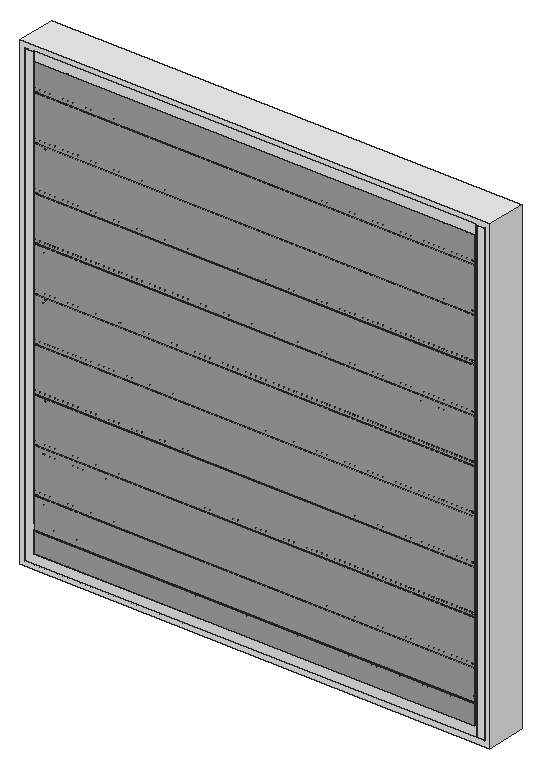
Revit family
Parameters (values of type "Louver_Combo_EBI-445_All-Lite")
  URL = "http://www.alllite-louvers.com"
  Spacing = 0.417 ft
  SmartBIM Object Version = 3  # constant formula
  SmartBIM Object Created By = "Reed Construction Data"  # constant formula
  Shim Thickness = 0.042 ft
  Screen Width = Width - (2 * Shim Thickness) - 2 * 0.083333 ft  # 3.749333 ft
  Screen Height = Height - (2 * Shim Thickness) - 2 * 0.098958 ft  # 3.718083 ft
  Screen = Aluminum
  Rough Width = 0.0 ft
  Rough Height = 0.0 ft
  Product URL = "http://www.alllite-louvers.com/catalog.php?model=EBI-445"
  Pressure Loss (in.wg.) = "0.10"  # constant formula
  OmniClass Title = "Exterior Louvers and Grilles"  # constant formula
  OmniClass Code = "23-60 11 17"  # constant formula
  Model Number = "EBI-445"  # constant formula
  Minimum Size = "12\" x 12\""
  Maximum Size - Single Section = "48\" x 120\""
  Maximum Size - Multiple Section = "Unlimited"
  Manufacturer = "All-Lite"  # constant formula
  Louver Width = Width - (2 * Shim Thickness) - 0.166667 ft  # 3.749333 ft
  Louver = Mill finish, 6063-T5 Extruded Aluminum
  Installation = "http://www.alllite-louvers.com/catalog/Installation.pdf"
  Height = 4.0 ft
  Free Area for 48”x48” Louver = "49.4%"
  Free Area Velocity (fpm) = "689"  # constant formula
  Free Area (ft²) for 48"x48" Louver = 7.9 ft
  Frame = Mill finish, 6063-T5 Extruded Aluminum
  Default Sill Height = 3.0 ft
  Wall Closure = (empty or 0)
  Width = 4.0 ft
  Cut Sheet = "http://www.alllite-louvers.com/catalog/AEBI445.pdf"
  Assembly Code = "B2010300"
  Air Volume Delivered (cfm) = "5,396"  # constant formula
  95 CSI = "10200 "  # constant formula
  04 CSI = "08 91 00"  # constant formula
  # of Louvers = (Height - 0.25 ft) / (Spacing)  # 9
Reference planes (ft)
  plane 1 "Center (Front/Back)": y = 0
  plane 2: z = 0.291667
  plane 3 "Center (Left/Right)": x = 0
  plane 4 "Left": x = -2
  plane 5 "Right": x = 2
  plane 6 "Sill": z = 3.291667
  plane 7 "Top": z = 7.291667
  plane 8: x = -1.958
  plane 9: x = 1.958
  plane 10: z = 7.249667
  plane 11: z = 3.333667
  plane 12: z = 5.291667
  plane 13: z = 6.971021
  plane 14: z = 3.521167
  plane 15: z = 7.166333
Forms (ft)
  Sweep 1, solid, material "Mill finish, 6063-T5 Extruded Aluminum" <- "Frame"
    path origin (-5, 0.333333, 0) x (-1, 0, 0) y (0, 0, 1)
      loop
        line (-3.121667, 7.249667) -> (-6.878333, 7.249667)
    profile "Head Horizontal Mullion : Head Horizontal Mullion" origin (0, 0.333333, 7.249667) x (0, 0, -1) y (0, 1, 0)
      loop
        arc (0.070516, -0.264393) -> (0.082755, -0.26925) -> (0.070516, -0.274107) r 0.007083
        arc (0.070516, -0.274107) -> (0.066098, -0.273975) -> (0.065966, -0.278393) r 0.003125
        arc (0.065966, -0.278393) -> (0.071343, -0.281861) -> (0.077716, -0.282426) r 0.013333
        arc (0.077716, -0.282426) -> (0.08033, -0.283232) -> (0.081308, -0.285786) r 0.003125
        line (0.081308, -0.285786) -> (0.077148, -0.333333) -> (0.00675, -0.333333) -> (0.00675, -0.308833) -> (0, -0.308833) -> (0, -0.340083) -> (0.083333, -0.340083) -> (0.098431, -0.167519)
        arc (0.098431, -0.167519) -> (0.099042, -0.165245) -> (0.100397, -0.163319) r 0.00675
        line (0.100397, -0.163319) -> (0.180823, -0.08338)
        arc (0.180823, -0.08338) -> (0.183498, -0.082507) -> (0.18579, -0.084138) r 0.003125
        arc (0.18579, -0.084138) -> (0.195788, -0.091129) -> (0.207288, -0.08706) r 0.013333
        arc (0.207288, -0.08706) -> (0.207157, -0.082642) -> (0.202739, -0.082774) r 0.003125
        arc (0.202739, -0.082774) -> (0.1905, -0.077917) -> (0.202739, -0.07306) r 0.007083
        arc (0.202739, -0.07306) -> (0.207157, -0.073191) -> (0.207288, -0.068774) r 0.003125
        arc (0.207288, -0.068774) -> (0.205688, -0.067329) -> (0.203876, -0.066162) r 0.013333
        arc (0.203876, -0.066162) -> (0.202259, -0.06386) -> (0.203148, -0.06119) r 0.003125
        line (0.203148, -0.06119) -> (0.25792, -0.00675) -> (0.315786, -0.00675)
        arc (0.315786, -0.00675) -> (0.319161, -0.003375) -> (0.315786, 0) r 0.003375
        line (0.315786, 0) -> (0.259209, 0)
        arc (0.259209, 0) -> (0.255444, -0.000746) -> (0.252247, -0.002871) r 0.009875
        line (0.252247, -0.002871) -> (0.102253, -0.151957)
        arc (0.102253, -0.151957) -> (0.098995, -0.152682) -> (0.096941, -0.150052) r 0.003125
        line (0.096941, -0.150052) -> (0.081906, 0) -> (0, 0) -> (0, -0.03125) -> (0.00675, -0.03125) -> (0.00675, -0.00675) -> (0.075798, -0.00675) -> (0.091772, -0.166177) -> (0.084094, -0.253944)
        arc (0.084094, -0.253944) -> (0.082687, -0.25629) -> (0.079973, -0.256629) r 0.003125
        arc (0.079973, -0.256629) -> (0.072458, -0.25631) -> (0.065966, -0.260107) r 0.013333
        arc (0.065966, -0.260107) -> (0.066098, -0.264525) -> (0.070516, -0.264393) r 0.003125
  Sweep 2, solid, material "Mill finish, 6063-T5 Extruded Aluminum" <- "Frame"
    path origin (-5, 0.333333, 0) x (-1, 0, 0) y (0, 0, 1)
      loop
        line (-6.878333, 3.333667) -> (-3.121667, 3.333667)
    profile "Horizontal Mullion : Horizontal Mullion" origin (0, 0.333333, 3.333667) x (0, 0, 1) y (0, 1, 0)
      loop
        line (0.172682, -0.050728) -> (0.172861, -0.055953)
        arc (0.172861, -0.055953) -> (0.18243, -0.022489) -> (0.15848, -0.047743) r 0.017917
        line (0.15848, -0.047743) -> (0.324467, -0.336058) -> (0.328962, -0.33347) -> (0.162534, -0.04439)
        arc (0.162534, -0.04439) -> (0.18028, -0.02727) -> (0.172682, -0.050728) r 0.012708
      loop
        arc (0.069278, -0.075799) -> (0.064861, -0.075667) -> (0.064729, -0.080084) r 0.003125
        arc (0.064729, -0.080084) -> (0.071221, -0.083882) -> (0.078735, -0.083562) r 0.013333
        arc (0.078735, -0.083562) -> (0.08145, -0.083902) -> (0.082857, -0.086248) r 0.003125
        line (0.082857, -0.086248) -> (0.091772, -0.188156) -> (0.077226, -0.333333) -> (0.00675, -0.333333) -> (0.00675, -0.308833) -> (0, -0.308833) -> (0, -0.340083) -> (0.083333, -0.340083) -> (0.098239, -0.191322)
        arc (0.098239, -0.191322) -> (0.100294, -0.188692) -> (0.103551, -0.189417) r 0.003125
        line (0.103551, -0.189417) -> (0.252247, -0.337212)
        arc (0.252247, -0.337212) -> (0.255444, -0.339337) -> (0.259209, -0.340083) r 0.009875
        line (0.259209, -0.340083) -> (0.315786, -0.340083)
        arc (0.315786, -0.340083) -> (0.319161, -0.336708) -> (0.315786, -0.333333) r 0.003375
        line (0.315786, -0.333333) -> (0.25792, -0.333333) -> (0.203148, -0.278893)
        arc (0.203148, -0.278893) -> (0.202259, -0.276224) -> (0.203876, -0.273922) r 0.003125
        arc (0.203876, -0.273922) -> (0.205688, -0.272754) -> (0.207288, -0.27131) r 0.013333
        arc (0.207288, -0.27131) -> (0.207157, -0.266892) -> (0.202739, -0.267024) r 0.003125
        arc (0.202739, -0.267024) -> (0.1905, -0.262167) -> (0.202739, -0.25731) r 0.007083
        arc (0.202739, -0.25731) -> (0.207157, -0.257441) -> (0.207288, -0.253024) r 0.003125
        arc (0.207288, -0.253024) -> (0.195788, -0.248955) -> (0.18579, -0.255945) r 0.013333
        arc (0.18579, -0.255945) -> (0.183498, -0.257576) -> (0.180823, -0.256704) r 0.003125
        line (0.180823, -0.256704) -> (0.099031, -0.175407)
        arc (0.099031, -0.175407) -> (0.097676, -0.173481) -> (0.097065, -0.171208) r 0.00675
        line (0.097065, -0.171208) -> (0.082087, 0) -> (0, 0) -> (0, -0.03125) -> (0.00675, -0.03125) -> (0.00675, -0.00675) -> (0.075901, -0.00675) -> (0.080071, -0.054405)
        arc (0.080071, -0.054405) -> (0.079092, -0.05696) -> (0.076478, -0.057766) r 0.003125
        arc (0.076478, -0.057766) -> (0.070105, -0.05833) -> (0.064729, -0.061799) r 0.013333
        arc (0.064729, -0.061799) -> (0.064861, -0.066216) -> (0.069278, -0.066084) r 0.003125
        arc (0.069278, -0.066084) -> (0.081517, -0.070942) -> (0.069278, -0.075799) r 0.007083
  Sweep 3, solid, material "Mill finish, 6063-T5 Extruded Aluminum" <- "Frame"
    path origin (-5, 0.333333, 0) x (-1, 0, 0) y (0, 0, 1)
      loop
        line (-6.958, 3.333667) -> (-6.958, 7.249667)
    profile "Vertical Mullion : Vertical Mullion" origin (1.958, 0.333333, 5.291667) x (1, 0, 0) y (0, 1, 0)
      loop
        line (-0.00675, -0.00675) -> (-0.00675, -0.038) -> (0, -0.038) -> (0, 0) -> (-0.079667, 0) -> (-0.079667, -0.340083) -> (0, -0.340083) -> (0, -0.308833) -> (-0.00675, -0.308833) -> (-0.00675, -0.333333) -> (-0.06925, -0.333333) -> (-0.06925, -0.00675) -> (-0.00675, -0.00675)
  Sweep 4, solid, material "Mill finish, 6063-T5 Extruded Aluminum" <- "Frame"
    path origin (5, 0.333333, 0) x (1, 0, 0) y (0, 0, -1)
      loop
        line (-6.958, -3.333667) -> (-6.958, -7.249667)
    profile "Vertical Mullion : Vertical Mullion" origin (-1.958, 0.333333, 5.291667) x (1, 0, 0) y (0, 1, 0)
      loop
        line (0.00675, -0.00675) -> (0.06925, -0.00675) -> (0.06925, -0.333333) -> (0.00675, -0.333333) -> (0.00675, -0.308833) -> (0, -0.308833) -> (0, -0.340083) -> (0.079667, -0.340083) -> (0.079667, 0) -> (0, 0) -> (0, -0.038) -> (0.00675, -0.038) -> (0.00675, -0.00675)
  Sweep 5, solid, material "Mill finish, 6063-T5 Extruded Aluminum" <- "Frame"
    path origin (-5, 0.333333, 0) x (-1, 0, 0) y (0, 0, 1)
      loop
        line (-3, 7.291667) -> (-7, 7.291667) -> (-7, 3.291667) -> (-3, 3.291667) -> (-3, 7.291667)
    profile origin (-2, 0.333333, 5.291667) x (0, 1, 0) y (-1, 0, 0)
      loop
        line (0, 0) -> (-0.340083, 0) -> (-0.340083, -0.042) -> (0, -0.042) -> (0, 0)
  Extrusion 6, solid, material "Aluminum" <- "Screen"
    sketch origin (1.385417, 0.0075, 7.25) x (-1, 0, 0) y (0, 0, -1)
      loop
        line (3.260083, 0.083667) -> (3.260083, 3.833) -> (-0.48925, 3.833) -> (-0.48925, 0.083667) -> (3.260083, 0.083667)
    from 0.0075 to 0.014297
Cuts and joins
  joined: Sweep 2, Sweep 3, Sweep 4
Lines and regions (ft)
  Opening 1
    outline origin (-5, -0.333333, 0) x (1, 0, 0) y (0, 0, 1)
      loop
        line (3, 7.291667) -> (3, 3.291667) -> (7, 3.291667) -> (7, 7.291667) -> (3, 7.291667)
  Masking region 1, detail levels coarse+medium
    outline origin (0, 0, 0) x (1, 0, 0) y (0, 1, 0)
      loop
        line (-1.878333, -0.00675) -> (-1.878333, 0.333333) -> (-2, 0.333333) -> (-2, -0.00675) -> (-1.878333, -0.00675)
      loop
        line (2, -0.00675) -> (2, 0.333333) -> (1.878333, 0.333333) -> (1.878333, -0.00675) -> (2, -0.00675)
  Masking region 2, detail levels fine
    outline origin (0, 0, 0) x (1, 0, 0) y (0, 1, 0)
      loop
        line (1.88875, 0.326583) -> (1.95125, 0.326583) -> (1.95125, 0.295333) -> (1.958, 0.295333) -> (1.958, 0.333333) -> (1.878333, 0.333333) -> (1.878333, -0.00675) -> (1.958, -0.00675) -> (1.958, 0.0245) -> (1.95125, 0.0245) -> (1.95125, 0) -> (1.88875, 0) -> (1.88875, 0.326583)
      loop
        line (-1.95125, 0.326583) -> (-1.88875, 0.326583) -> (-1.88875, 0) -> (-1.95125, 0) -> (-1.95125, 0.0245) -> (-1.958, 0.0245) -> (-1.958, -0.00675) -> (-1.878333, -0.00675) -> (-1.878333, 0.333333) -> (-1.958, 0.333333) -> (-1.958, 0.295333) -> (-1.95125, 0.295333) -> (-1.95125, 0.326583)
Text (ft)
  text "EXTERIOR" at (-4.890733, 4.242245, 0), in view "Ref. Level"
  text "INTERIOR" at (-4.890733, -3.147199, 0), in view "Ref. Level"
  text "Exterior" at (0, 3.638026, 10.266337), in view "Left"
  text "Exterior" at (0, 1.524487, 10.420622), in view "Right"
Dimensions and locks (ft)
  equal spacing: plane 4 "Left", plane 3 "Center (Left/Right)", plane 5 "Right"
  "Width": plane 4 "Left" to plane 5 "Right"
  "Height": plane 6 "Sill" to plane 7 "Top"
  "Default Sill Height": plane 2 to plane 6 "Sill"
  "Shim Thickness": plane 4 "Left" to plane 8
  "Shim Thickness": plane 9 to plane 5 "Right"
  "Shim Thickness": plane 10 to plane 7 "Top"
  "Shim Thickness": plane 6 "Sill" to plane 11
  equal spacing: plane 11, plane 12, plane 10
  Sweep 5 to Sweep 5 = 0.340083 ft
  locked: plane 10 to plane 13 at 0.278646
  locked: Extrusion 6 to Extrusion 6 at 0.006797
  equal spacing: group 1, group 3, group 4, group 5, group 6, group 7, group 8, group 9, group 2  (x2)
  equal spacing: group 2, group 9, group 8, group 7, group 6, group 5, group 4, group 3, group 1
  locked: plane 14 to plane 11 at 0.1875
  locked: plane 10 to plane 15 at 0.083333
  aligned and locked: plane 7 "Top" to Opening 1 sketch curve
  aligned and locked: plane 6 "Sill" to Opening 1 sketch curve  (x2)
  aligned and locked: plane 5 "Right" to Opening 1 sketch curve
  aligned and locked: plane 4 "Left" to Opening 1 sketch curve
  aligned and locked: plane 10 to Sweep 1 sketch curve
  aligned and locked: Sweep 2 sketch curve to plane 11
  aligned and locked: plane 9 to Sweep 3 sketch curve
  aligned and locked: Sweep 4 sketch curve to plane 8
  aligned and locked: Sweep 5 sketch curve to plane 4 "Left"
  aligned and locked: Sweep 5 sketch curve to plane 7 "Top"
  aligned and locked: Sweep 5 sketch curve to plane 6 "Sill"
  aligned and locked: Sweep 5 sketch curve to plane 5 "Right"
  aligned and locked: Sweep 5 sketch curve to host wall  (x2)
  aligned and locked: plane 8 to Sweep 5 sketch curve
  aligned and locked: plane 10 to Sweep 4 sketch curve
  aligned and locked: profile plane to host wall
  aligned and locked: plane 11 to Sweep 4 sketch curve
  aligned and locked: plane 11 to Sweep 3 sketch curve
  aligned and locked: Extrusion 6 sketch curve to cut or joined group of Sweep 2, Sweep 3, Sweep 4
  aligned and locked: cut or joined group of Sweep 2, Sweep 3, Sweep 4 to Sweep 1 sketch curve
  aligned and locked: Sweep 1 sketch curve to cut or joined group of Sweep 2, Sweep 3, Sweep 4
  aligned and locked: nested 1 to Sweep 5
  aligned and locked: plane 3 "Center (Left/Right)" to nested 1
  aligned and locked: nested 1 to plane 13
  aligned and locked: nested 2 to Sweep 5
  aligned and locked: nested 2 to plane 14
  aligned and locked: plane 3 "Center (Left/Right)" to nested 2
  aligned and locked: Sweep 5 sketch curve to cut or joined group of Sweep 2, Sweep 3, Sweep 4
  aligned and locked: plane 15 to Extrusion 6
  aligned and locked: plane 15 to Extrusion 6 sketch curve
  aligned and locked: cut or joined group of Sweep 2, Sweep 3, Sweep 4 to Extrusion 6
  aligned and locked: Masking region 1 sketch curve to cut or joined group of Sweep 2, Sweep 3, Sweep 4  (x4)
  aligned and locked: Masking region 1 sketch curve to host wall
  aligned and locked: host wall to Masking region 1 sketch curve
  aligned and locked: Masking region 1 sketch curve to Sweep 5  (x2)
  aligned and locked: Masking region 2 sketch curve to cut or joined group of Sweep 2, Sweep 3, Sweep 4  (x16)
  aligned and locked: plane 9 to Masking region 2 sketch curve  (x2)
  aligned and locked: Sweep 5 to Masking region 2 sketch curve  (x4)
  aligned and locked: Masking region 2 sketch curve to plane 8  (x2)
Automatic sketch dimensions
  Sweep 3 sketch curve to plane 10 = 0.0 ft
  plane 9 to Extrusion 6 sketch curve = 0.083333 ft
  plane 8 to Extrusion 6 sketch curve = 0.083333 ft
  plane 9 to Sweep 2 sketch curve = 0.079667 ft
  plane 8 to Sweep 2 sketch curve = 0.079667 ft
Nested families (ft)
  nested 1: "Louver Single" at (0, 0.252647, 6.596021), type "Louver"
  nested 2: "Louver Single" at (0, 0.252647, 3.521167), type "Louver"
  nested 3: "Louver Single" at (0, 0.252647, 6.211664), type "Louver"
  nested 4: "Louver Single" at (0, 0.252647, 5.827307), type "Louver"
  nested 5: "Louver Single" at (0, 0.252647, 5.442951), type "Louver"
  nested 6: "Louver Single" at (0, 0.252647, 5.058594), type "Louver"
  nested 7: "Louver Single" at (0, 0.252647, 4.674237), type "Louver"
  nested 8: "Louver Single" at (0, 0.252647, 4.28988), type "Louver"
  nested 9: "Louver Single" at (0, 0.252647, 3.905523), type "Louver"
Connectors (ft)
  hvac at (0, -0.006797, 5.291667), driven by "Screen Height", driven by "Screen Width"
    settings: on Extrusion 6, index 1
Definition of nested family "Louver Single"
  Parameters (values of type "Louver")
    Louver Length = 3.75 ft
    Depth = 0.333333 ft
    Louver Single = yes
    Louver = none
    Assembly Code = ""
  Reference planes (ft)
    plane 1 "Center (Front/Back)": y = -0.085938
    plane 2: z = 0
    plane 3 "Center (Left/Right)": x = 0
    plane 4: x = -1.875
    plane 5: x = 1.875
    plane 6: y = -0.259397
    plane 7: z = 0.375
  Forms (ft)
    Extrusion 1, solid, material <- "Louver"
      sketch origin (0, -0.686743, -0.53303) x (0, 1, 0) y (0, 0, 1)
        loop
          line (0.517951, 0.809948) -> (0.43541, 0.874436)
          arc (0.43541, 0.874436) -> (0.434442, 0.875631) -> (0.434097, 0.877129) r 0.003417
          line (0.434097, 0.877129) -> (0.434097, 0.904019)
          arc (0.434097, 0.904019) -> (0.430722, 0.907394) -> (0.427347, 0.904019) r 0.003375
          line (0.427347, 0.904019) -> (0.427347, 0.875462)
          arc (0.427347, 0.875462) -> (0.42803, 0.872503) -> (0.429941, 0.870143) r 0.00675
          line (0.429941, 0.870143) -> (0.508051, 0.809117)
          arc (0.508051, 0.809117) -> (0.505616, 0.802785) -> (0.505534, 0.796001) r 0.019225
          arc (0.505534, 0.796001) -> (0.49612, 0.792551) -> (0.491509, 0.783648) r 0.013833
          arc (0.491509, 0.783648) -> (0.494504, 0.779932) -> (0.49822, 0.782927) r 0.003375
          arc (0.49822, 0.782927) -> (0.510371, 0.787077) -> (0.505736, 0.775103) r 0.007083
          arc (0.505736, 0.775103) -> (0.502594, 0.77151) -> (0.506187, 0.768368) r 0.003375
          arc (0.506187, 0.768368) -> (0.512084, 0.770136) -> (0.51663, 0.774287) r 0.013833
          arc (0.51663, 0.774287) -> (0.519072, 0.775707) -> (0.521727, 0.774744) r 0.003333
          line (0.521727, 0.774744) -> (0.674921, 0.62155)
          arc (0.674921, 0.62155) -> (0.675884, 0.618895) -> (0.674463, 0.616454) r 0.003333
          arc (0.674463, 0.616454) -> (0.670312, 0.611908) -> (0.668544, 0.60601) r 0.013833
          arc (0.668544, 0.60601) -> (0.671686, 0.602417) -> (0.675279, 0.60556) r 0.003375
          arc (0.675279, 0.60556) -> (0.687355, 0.610096) -> (0.682819, 0.598019) r 0.007083
          arc (0.682819, 0.598019) -> (0.679677, 0.594427) -> (0.68327, 0.591284) r 0.003375
          arc (0.68327, 0.591284) -> (0.689167, 0.593052) -> (0.693714, 0.597203) r 0.013833
          arc (0.693714, 0.597203) -> (0.696155, 0.598624) -> (0.69881, 0.597661) r 0.003333
          line (0.69881, 0.597661) -> (0.745441, 0.551029)
          arc (0.745441, 0.551029) -> (0.746173, 0.549934) -> (0.74643, 0.548643) r 0.003375
          line (0.74643, 0.548643) -> (0.74643, 0.517491)
          arc (0.74643, 0.517491) -> (0.748021, 0.511407) -> (0.75318, 0.515004) r 0.003833
          line (0.75318, 0.515004) -> (0.75318, 0.550041)
          arc (0.75318, 0.550041) -> (0.752666, 0.552624) -> (0.751203, 0.554814) r 0.00675
          line (0.751203, 0.554814) -> (0.517013, 0.789004)
          arc (0.517013, 0.789004) -> (0.511892, 0.799726) -> (0.517951, 0.809948) r 0.012617
        loop
          line (0.427347, 0.911545) -> (0.427347, 0.90803) -> (0.727584, 0.90803)
          arc (0.727584, 0.90803) -> (0.737842, 0.942931) -> (0.71033, 0.919132) r 0.018958
          line (0.71033, 0.919132) -> (0.713799, 0.920973)
          arc (0.713799, 0.920973) -> (0.735934, 0.938546) -> (0.727584, 0.911545) r 0.014792
          line (0.727584, 0.911545) -> (0.427347, 0.911545)
      from -1.875 to 1.875
  Dimensions and locks (ft)
    equal spacing: plane 4, plane 3 "Center (Left/Right)", plane 5
    "Louver Length": plane 4 to plane 5
    locked: plane 7 to level at 0.375
    aligned and locked: Extrusion 1 to plane 4
    aligned and locked: plane 5 to Extrusion 1
    aligned and locked: level to plane 2
  Automatic sketch dimensions
    Extrusion 1 sketch curve to Extrusion 1 sketch curve = 0.0 ft  (x28)
    plane 6 to Extrusion 1 sketch curve = 0.0 ft  (x2)
    Extrusion 1 sketch curve to Extrusion 1 sketch curve = 0.002594 ft
    Extrusion 1 sketch curve to Extrusion 1 sketch curve = 0.003375 ft
    Extrusion 1 sketch curve to Extrusion 1 sketch curve = 0.001313 ft
    Extrusion 1 sketch curve to Extrusion 1 sketch curve = 0.002104 ft
    plane 6 to Extrusion 1 sketch curve = 0.064162 ft
    Extrusion 1 sketch curve to Extrusion 1 sketch curve = 0.003356 ft
    Extrusion 1 sketch curve to Extrusion 1 sketch curve = 0.007043 ft
    Extrusion 1 sketch curve to Extrusion 1 sketch curve = 0.00027 ft
    Extrusion 1 sketch curve to Extrusion 1 sketch curve = 0.000473 ft  (x2)
    Extrusion 1 sketch curve to Extrusion 1 sketch curve = 0.000225 ft  (x2)
    Extrusion 1 sketch curve to Extrusion 1 sketch curve = 0.002517 ft
    Extrusion 1 sketch curve to Extrusion 1 sketch curve = 0.010894 ft  (x2)
    Extrusion 1 sketch curve to Extrusion 1 sketch curve = 0.01148 ft
    Extrusion 1 sketch curve to Extrusion 1 sketch curve = 0.0099 ft
    Extrusion 1 sketch curve to Extrusion 1 sketch curve = 0.002739 ft  (x2)
    Extrusion 1 sketch curve to Extrusion 1 sketch curve = 0.002357 ft  (x4)
    Extrusion 1 sketch curve to Extrusion 1 sketch curve = 0.006546 ft
    Extrusion 1 sketch curve to plane 1 "Center (Front/Back)" = 0.067738 ft
    Extrusion 1 sketch curve to Extrusion 1 sketch curve = 0.003367 ft
    Extrusion 1 sketch curve to Extrusion 1 sketch curve = 0.000652 ft
    Extrusion 1 sketch curve to Extrusion 1 sketch curve = 0.0019 ft
    Extrusion 1 sketch curve to Extrusion 1 sketch curve = 0.007068 ft
    Extrusion 1 sketch curve to plane 1 "Center (Front/Back)" = 0.109524 ft
    Extrusion 1 sketch curve to Extrusion 1 sketch curve = 0.003469 ft
    Extrusion 1 sketch curve to Extrusion 1 sketch curve = 0.013785 ft
    Extrusion 1 sketch curve to Extrusion 1 sketch curve = 0.046602 ft
    Extrusion 1 sketch curve to Extrusion 1 sketch curve = 0.002386 ft
    Extrusion 1 sketch curve to Extrusion 1 sketch curve = 0.000989 ft  (x2)
    Extrusion 1 sketch curve to Extrusion 1 sketch curve = 0.002917 ft
    Extrusion 1 sketch curve to Extrusion 1 sketch curve = 0.004773 ft
    Extrusion 1 sketch curve to Extrusion 1 sketch curve = 0.003833 ft
    Extrusion 1 sketch curve to Extrusion 1 sketch curve = 0.000361 ft
    level to Extrusion 1 sketch curve = 0.08852 ft
    level to Extrusion 1 sketch curve = 0.021784 ft
    Extrusion 1 sketch curve to level = 0.015539 ft
    Extrusion 1 sketch curve to Extrusion 1 sketch curve = 0.010158 ft
    Extrusion 1 sketch curve to Extrusion 1 sketch curve = 0.001026 ft
    Extrusion 1 sketch curve to Extrusion 1 sketch curve = 0.02689 ft
    Extrusion 1 sketch curve to Extrusion 1 sketch curve = 0.004011 ft
    Extrusion 1 sketch curve to Extrusion 1 sketch curve = 0.003516 ft
    Extrusion 1 sketch curve to Extrusion 1 sketch curve = 0.007586 ft
    Extrusion 1 sketch curve to Extrusion 1 sketch curve = 0.006997 ft
    Extrusion 1 sketch curve to Extrusion 1 sketch curve = 0.061026 ft
    Extrusion 1 sketch curve to Extrusion 1 sketch curve = 0.000651 ft  (x2)
    Extrusion 1 sketch curve to plane 7 = 0.139662 ft
